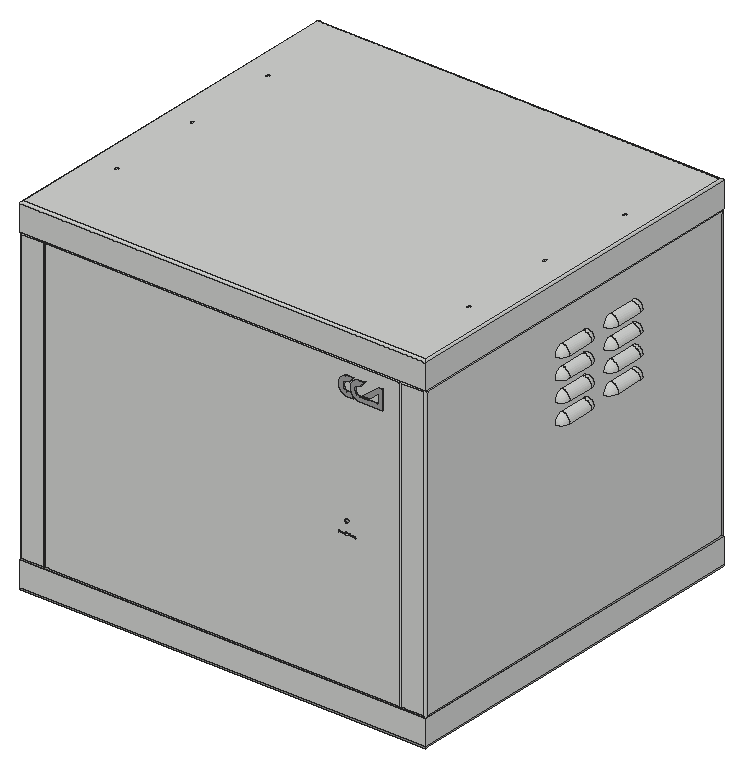
Revit family "Шкаф антивандальный настенный ШАН-Э 19” 600x550", category Обобщенные модели, Revit 2019
Family settings
  Может служить основой для арматурных стержней = Нет
  Размер круглого соединителя = Использовать диаметр
  Тип детали = Нормальный
  На основе рабочей плоскости = Нет
  Всегда вертикально = Да
  При загрузке вырезать с полостями = Нет
  Общий = Нет
  Точка расчета площади = Нет
Parameters (values of type "Шкаф антивандальный настенный ШАН-Э 19" 9U(600*550) ССД")
  Высота крышки = ADSK_Размер_Высота - 40 mm  # 475 mm
  Высота двери = ADSK_Размер_Высота - 80 mm  # 435 mm
  ADSK_Этаж [instance] = ""
  ADSK_Размер_Ширина = 600 mm  # constant formula
  ADSK_Размер_Глубина = 550 mm  # constant formula
  ADSK_Размер_Высота = 515 mm
  ADSK_Примечание [instance] = ""
  ADSK_Предел огнестойкости = ""
  ADSK_Позиция [instance] = ""
  ADSK_Обозначение = "ШАН-Э 9U (600x550мм)"
  ADSK_Наименование = "Шкаф антивандальный настенный ШАН-Э 19\" 9U(600*550) ССД"
  ADSK_Материал обозначение = "Серый RAL 7035"  # constant formula
  ADSK_Масса_Текст = "28,0"
  ADSK_Марка [instance] = "ШАН-Э 9U (600x550мм)"
  ADSK_Количество = 1  # constant formula
  ADSK_Код изделия = "130411-00822"
  ADSK_Зона = ""
  ADSK_Завод-изготовитель = "АО СВЯЗЬСРОЙДЕТАЛЬ"  # constant formula
  ADSK_Единица измерения = "шт."  # constant formula
  ADSK_URL страницы изделия = "https://www.ssd.ru/shkaf-antivandalnyy-nastennyy-shan-e-19-quot-9u-600-550"
  ADSK_URL документации изделия = "https://www.ssd.ru/upload/iblock/277/22hq47rvplltgvzus87gcrm6ssdb9wy9/ssoot_shan.pdf"
Reference planes
  plane 1 "По центру (Вперед/Назад)": y = 0
  plane 2: z = 0
  plane 3 "По центру (Влево/Вправо)": x = 0
  plane 4: y = -275
  plane 5: y = 275
  plane 6: x = 300
  plane 7: x = -300
  plane 8: z = 515
  plane 9: z = 475
  plane 10: z = 40
  plane 11: z = 429
Forms (mm)
  Extrusion 1, solid, material "RAL 7035", detail levels medium+fine
    sketch origin (0, 0, 0) x (1, 0, 0) y (0, 1, 0)
      loop
        line (-300, -275) -> (-265, -275) -> (-265, -272) -> (-297, -272) -> (-297, 272) -> (297, 272) -> (297, -272) -> (265, -272) -> (265, -275) -> (300, -275) -> (300, 275) -> (-300, 275) -> (-300, -275)
    from 40 to 475
  Extrusion 2, void, detail levels fine
    sketch origin (0, 0, 0) x (1, 0, 0) y (0, 1, 0)
      loop
        line (-300, -275) -> (-297, -275)
        arc (-297, -275) -> (-299.121, -274.121) -> (-300, -272) r 3
        line (-300, -272) -> (-300, -275)
      loop
        line (-300, 275) -> (-300, 272)
        arc (-300, 272) -> (-299.121, 274.121) -> (-297, 275) r 3
        line (-297, 275) -> (-300, 275)
      loop
        line (300, -275) -> (300, -272)
        arc (300, -272) -> (299.121, -274.121) -> (297, -275) r 3
        line (297, -275) -> (300, -275)
      loop
        line (300, 275) -> (297, 275)
        arc (297, 275) -> (299.121, 274.121) -> (300, 272) r 3
        line (300, 272) -> (300, 275)
    from 40 to 475
  Extrusion 3, void, detail levels fine
    sketch origin (0, 0, 0) x (1, 0, 0) y (0, 0, 1)
      loop
        line (-300, 475) -> (-300, 472)
        arc (-300, 472) -> (-299.121, 474.121) -> (-297, 475) r 3
        line (-297, 475) -> (-300, 475)
      loop
        line (300, 475) -> (297, 475)
        arc (297, 475) -> (299.121, 474.121) -> (300, 472) r 3
        line (300, 472) -> (300, 475)
      loop
        line (-300, 40) -> (-297, 40)
        arc (-297, 40) -> (-299.121, 40.879) -> (-300, 43) r 3
        line (-300, 43) -> (-300, 40)
      loop
        line (300, 40) -> (300, 43)
        arc (300, 43) -> (299.121, 40.879) -> (297, 40) r 3
        line (297, 40) -> (300, 40)
    from -275 to 275
  Extrusion 4, void, detail levels fine
    sketch origin (0, 0, 0) x (0, 1, 0) y (0, 0, 1)
      loop
        line (-275, 475) -> (-275, 472)
        arc (-275, 472) -> (-274.121, 474.121) -> (-272, 475) r 3
        line (-272, 475) -> (-275, 475)
      loop
        line (275, 475) -> (272, 475)
        arc (272, 475) -> (274.121, 474.121) -> (275, 472) r 3
        line (275, 472) -> (275, 475)
      loop
        line (-275, 40) -> (-272, 40)
        arc (-272, 40) -> (-274.121, 40.879) -> (-275, 43) r 3
        line (-275, 43) -> (-275, 40)
      loop
        line (275, 40) -> (275, 43)
        arc (275, 43) -> (274.121, 40.879) -> (272, 40) r 3
        line (272, 40) -> (275, 40)
    from -300 to 300
  Extrusion 5, void, detail levels fine
    sketch origin (300, 2000, 1200) x (0, -1, 0) y (0, 0, 1)
      loop
        line (1884, -783.5) -> (1946, -783.5)
        arc (1946, -783.5) -> (1942.778, -775.722) -> (1935, -772.5) r 11
        line (1935, -772.5) -> (1895, -772.5)
        arc (1895, -772.5) -> (1887.222, -775.722) -> (1884, -783.5) r 11
      loop
        line (1884, -813.5) -> (1946, -813.5)
        arc (1946, -813.5) -> (1942.778, -805.722) -> (1935, -802.5) r 11
        line (1935, -802.5) -> (1895, -802.5)
        arc (1895, -802.5) -> (1887.222, -805.722) -> (1884, -813.5) r 11
      loop
        line (1884, -843.5) -> (1946, -843.5)
        arc (1946, -843.5) -> (1942.778, -835.722) -> (1935, -832.5) r 11
        line (1935, -832.5) -> (1895, -832.5)
        arc (1895, -832.5) -> (1887.222, -835.722) -> (1884, -843.5) r 11
      loop
        line (1884, -873.5) -> (1946, -873.5)
        arc (1946, -873.5) -> (1942.778, -865.722) -> (1935, -862.5) r 11
        line (1935, -862.5) -> (1895, -862.5)
        arc (1895, -862.5) -> (1887.222, -865.722) -> (1884, -873.5) r 11
      loop
        line (1974, -783.5) -> (2036, -783.5)
        arc (2036, -783.5) -> (2032.778, -775.722) -> (2025, -772.5) r 11
        line (2025, -772.5) -> (1985, -772.5)
        arc (1985, -772.5) -> (1977.222, -775.722) -> (1974, -783.5) r 11
      loop
        line (1974, -813.5) -> (2036, -813.5)
        arc (2036, -813.5) -> (2032.778, -805.722) -> (2025, -802.5) r 11
        line (2025, -802.5) -> (1985, -802.5)
        arc (1985, -802.5) -> (1977.222, -805.722) -> (1974, -813.5) r 11
      loop
        line (1974, -843.5) -> (2036, -843.5)
        arc (2036, -843.5) -> (2032.778, -835.722) -> (2025, -832.5) r 11
        line (2025, -832.5) -> (1985, -832.5)
        arc (1985, -832.5) -> (1977.222, -835.722) -> (1974, -843.5) r 11
      loop
        line (1974, -873.5) -> (2036, -873.5)
        arc (2036, -873.5) -> (2032.778, -865.722) -> (2025, -862.5) r 11
        line (2025, -862.5) -> (1985, -862.5)
        arc (1985, -862.5) -> (1977.222, -865.722) -> (1974, -873.5) r 11
    from 0 to 600
  Revolve 6, solid, material "RAL 7035", detail levels medium+fine
    sketch origin (300, 2000, 1140) x (0, 1, 0) y (0, 0, 1)
      loop
        line (-1895, -771) -> (-1895, -783.5) -> (-1882.5, -783.5)
        arc (-1882.5, -783.5) -> (-1886.161, -774.661) -> (-1895, -771) r 12.5
      axis (-1895, -771) -> (-1895, -783.5)
    angle from 270 to 360
  Revolve 7, void, detail levels medium+fine
    sketch origin (300, 2000, 1140) x (0, 1, 0) y (0, 0, 1)
      loop
        line (-1895, -772.5) -> (-1895, -783.5) -> (-1884, -783.5)
        arc (-1884, -783.5) -> (-1887.222, -775.722) -> (-1895, -772.5) r 11
      axis (-1895, -772.5) -> (-1895, -783.5)
    angle from 270 to 360
  Revolve 8, solid, material "RAL 7035", detail levels medium+fine
    sketch origin (300, -1830, 1140) x (0, -1, 0) y (0, 0, -1)
      loop
        arc (-1895, 771) -> (-1886.161, 774.661) -> (-1882.5, 783.5) r 12.5
        line (-1882.5, 783.5) -> (-1895, 783.5) -> (-1895, 771)
      axis (-1895, 771) -> (-1895, 783.5)
    angle from 270 to 360
  Revolve 9, void, detail levels medium+fine
    sketch origin (300, -1830, 1140) x (0, -1, 0) y (0, 0, -1)
      loop
        arc (-1895, 772.5) -> (-1887.222, 775.722) -> (-1884, 783.5) r 11
        line (-1884, 783.5) -> (-1895, 783.5) -> (-1895, 772.5)
      axis (-1895, 772.5) -> (-1895, 783.5)
    angle from 270 to 360
  Extrusion 10, solid, material "RAL 7035", detail levels fine
    sketch origin (0, 0, -60) x (1, 0, 0) y (0, 0, 1)
      loop
        line (300, 429) -> (300, 427.5)
        arc (300, 427.5) -> (307.778, 424.278) -> (311, 416.5) r 11
        line (311, 416.5) -> (312.5, 416.5)
        arc (312.5, 416.5) -> (308.839, 425.339) -> (300, 429) r 12.5
    from -105 to -65
  Revolve 11, solid, material "RAL 7035", detail levels medium+fine
    sketch origin (300, 2000, 1110) x (0, 1, 0) y (0, 0, 1)
      loop
        line (-1895, -771) -> (-1895, -783.5) -> (-1882.5, -783.5)
        arc (-1882.5, -783.5) -> (-1886.161, -774.661) -> (-1895, -771) r 12.5
      axis (-1895, -771) -> (-1895, -783.5)
    angle from 270 to 360
  Revolve 12, void, detail levels medium+fine
    sketch origin (300, 2000, 1110) x (0, 1, 0) y (0, 0, 1)
      loop
        line (-1895, -772.5) -> (-1895, -783.5) -> (-1884, -783.5)
        arc (-1884, -783.5) -> (-1887.222, -775.722) -> (-1895, -772.5) r 11
      axis (-1895, -772.5) -> (-1895, -783.5)
    angle from 270 to 360
  Revolve 13, solid, material "RAL 7035", detail levels medium+fine
    sketch origin (300, -1830, 1110) x (0, -1, 0) y (0, 0, -1)
      loop
        arc (-1895, 771) -> (-1886.161, 774.661) -> (-1882.5, 783.5) r 12.5
        line (-1882.5, 783.5) -> (-1895, 783.5) -> (-1895, 771)
      axis (-1895, 771) -> (-1895, 783.5)
    angle from 270 to 360
  Revolve 14, void, detail levels medium+fine
    sketch origin (300, -1830, 1110) x (0, -1, 0) y (0, 0, -1)
      loop
        arc (-1895, 772.5) -> (-1887.222, 775.722) -> (-1884, 783.5) r 11
        line (-1884, 783.5) -> (-1895, 783.5) -> (-1895, 772.5)
      axis (-1895, 772.5) -> (-1895, 783.5)
    angle from 270 to 360
  Extrusion 15, solid, material "RAL 7035", detail levels fine
    sketch origin (0, 0, -90) x (1, 0, 0) y (0, 0, 1)
      loop
        line (300, 429) -> (300, 427.5)
        arc (300, 427.5) -> (307.778, 424.278) -> (311, 416.5) r 11
        line (311, 416.5) -> (312.5, 416.5)
        arc (312.5, 416.5) -> (308.839, 425.339) -> (300, 429) r 12.5
    from -105 to -65
  Revolve 16, solid, material "RAL 7035", detail levels medium+fine
    sketch origin (300, 2000, 1200) x (0, 1, 0) y (0, 0, 1)
      loop
        line (-1895, -771) -> (-1895, -783.5) -> (-1882.5, -783.5)
        arc (-1882.5, -783.5) -> (-1886.161, -774.661) -> (-1895, -771) r 12.5
      axis (-1895, -771) -> (-1895, -783.5)
    angle from 270 to 360
  Revolve 17, void, detail levels medium+fine
    sketch origin (300, 2000, 1200) x (0, 1, 0) y (0, 0, 1)
      loop
        line (-1895, -772.5) -> (-1895, -783.5) -> (-1884, -783.5)
        arc (-1884, -783.5) -> (-1887.222, -775.722) -> (-1895, -772.5) r 11
      axis (-1895, -772.5) -> (-1895, -783.5)
    angle from 270 to 360
  Revolve 18, solid, material "RAL 7035", detail levels medium+fine
    sketch origin (300, -1830, 1200) x (0, -1, 0) y (0, 0, -1)
      loop
        arc (-1895, 771) -> (-1886.161, 774.661) -> (-1882.5, 783.5) r 12.5
        line (-1882.5, 783.5) -> (-1895, 783.5) -> (-1895, 771)
      axis (-1895, 771) -> (-1895, 783.5)
    angle from 270 to 360
  Revolve 19, void, detail levels medium+fine
    sketch origin (300, -1830, 1200) x (0, -1, 0) y (0, 0, -1)
      loop
        arc (-1895, 772.5) -> (-1887.222, 775.722) -> (-1884, 783.5) r 11
        line (-1884, 783.5) -> (-1895, 783.5) -> (-1895, 772.5)
      axis (-1895, 772.5) -> (-1895, 783.5)
    angle from 270 to 360
  Revolve 20, solid, material "RAL 7035", detail levels medium+fine
    sketch origin (300, 2000, 1170) x (0, 1, 0) y (0, 0, 1)
      loop
        line (-1895, -771) -> (-1895, -783.5) -> (-1882.5, -783.5)
        arc (-1882.5, -783.5) -> (-1886.161, -774.661) -> (-1895, -771) r 12.5
      axis (-1895, -771) -> (-1895, -783.5)
    angle from 270 to 360
  Revolve 21, void, detail levels medium+fine
    sketch origin (300, 2000, 1170) x (0, 1, 0) y (0, 0, 1)
      loop
        line (-1895, -772.5) -> (-1895, -783.5) -> (-1884, -783.5)
        arc (-1884, -783.5) -> (-1887.222, -775.722) -> (-1895, -772.5) r 11
      axis (-1895, -772.5) -> (-1895, -783.5)
    angle from 270 to 360
  Revolve 22, solid, material "RAL 7035", detail levels medium+fine
    sketch origin (300, -1830, 1170) x (0, -1, 0) y (0, 0, -1)
      loop
        arc (-1895, 771) -> (-1886.161, 774.661) -> (-1882.5, 783.5) r 12.5
        line (-1882.5, 783.5) -> (-1895, 783.5) -> (-1895, 771)
      axis (-1895, 771) -> (-1895, 783.5)
    angle from 270 to 360
  Revolve 23, void, detail levels medium+fine
    sketch origin (300, -1830, 1170) x (0, -1, 0) y (0, 0, -1)
      loop
        arc (-1895, 772.5) -> (-1887.222, 775.722) -> (-1884, 783.5) r 11
        line (-1884, 783.5) -> (-1895, 783.5) -> (-1895, 772.5)
      axis (-1895, 772.5) -> (-1895, 783.5)
    angle from 270 to 360
  Extrusion 24, solid, material "RAL 7035", detail levels fine
    sketch origin (0, 0, -30) x (1, 0, 0) y (0, 0, 1)
      loop
        line (300, 429) -> (300, 427.5)
        arc (300, 427.5) -> (307.778, 424.278) -> (311, 416.5) r 11
        line (311, 416.5) -> (312.5, 416.5)
        arc (312.5, 416.5) -> (308.839, 425.339) -> (300, 429) r 12.5
    from -105 to -65
  Revolve 25, solid, material "RAL 7035", detail levels medium+fine
    sketch origin (300, -1920, 1200) x (0, -1, 0) y (0, 0, -1)
      loop
        arc (-1895, 771) -> (-1886.161, 774.661) -> (-1882.5, 783.5) r 12.5
        line (-1882.5, 783.5) -> (-1895, 783.5) -> (-1895, 771)
      axis (-1895, 771) -> (-1895, 783.5)
    angle from 270 to 360
  Revolve 26, void, detail levels medium+fine
    sketch origin (300, -1920, 1200) x (0, -1, 0) y (0, 0, -1)
      loop
        arc (-1895, 772.5) -> (-1887.222, 775.722) -> (-1884, 783.5) r 11
        line (-1884, 783.5) -> (-1895, 783.5) -> (-1895, 772.5)
      axis (-1895, 772.5) -> (-1895, 783.5)
    angle from 270 to 360
  Revolve 27, solid, material "RAL 7035", detail levels medium+fine
    sketch origin (300, 1910, 1200) x (0, 1, 0) y (0, 0, 1)
      loop
        line (-1895, -771) -> (-1895, -783.5) -> (-1882.5, -783.5)
        arc (-1882.5, -783.5) -> (-1886.161, -774.661) -> (-1895, -771) r 12.5
      axis (-1895, -771) -> (-1895, -783.5)
    angle from 270 to 360
  Revolve 28, void, detail levels medium+fine
    sketch origin (300, 1910, 1200) x (0, 1, 0) y (0, 0, 1)
      loop
        line (-1895, -772.5) -> (-1895, -783.5) -> (-1884, -783.5)
        arc (-1884, -783.5) -> (-1887.222, -775.722) -> (-1895, -772.5) r 11
      axis (-1895, -772.5) -> (-1895, -783.5)
    angle from 270 to 360
  Extrusion 29, solid, material "RAL 7035", detail levels fine
    sketch origin (0, 0, 0) x (1, 0, 0) y (0, 0, 1)
      loop
        line (300, 429) -> (300, 427.5)
        arc (300, 427.5) -> (307.778, 424.278) -> (311, 416.5) r 11
        line (311, 416.5) -> (312.5, 416.5)
        arc (312.5, 416.5) -> (308.839, 425.339) -> (300, 429) r 12.5
    from -105 to -65
  Extrusion 30, solid, material "RAL 7035", detail levels fine
    sketch origin (0, 0, 0) x (1, 0, 0) y (0, 0, 1)
      loop
        line (300, 429) -> (300, 427.5)
        arc (300, 427.5) -> (307.778, 424.278) -> (311, 416.5) r 11
        line (311, 416.5) -> (312.5, 416.5)
        arc (312.5, 416.5) -> (308.839, 425.339) -> (300, 429) r 12.5
    from -15 to 25
  Extrusion 31, solid, material "RAL 7035", detail levels fine
    sketch origin (0, 0, -30) x (1, 0, 0) y (0, 0, 1)
      loop
        line (300, 429) -> (300, 427.5)
        arc (300, 427.5) -> (307.778, 424.278) -> (311, 416.5) r 11
        line (311, 416.5) -> (312.5, 416.5)
        arc (312.5, 416.5) -> (308.839, 425.339) -> (300, 429) r 12.5
    from -15 to 25
  Extrusion 32, solid, material "RAL 7035", detail levels fine
    sketch origin (0, 0, -60) x (1, 0, 0) y (0, 0, 1)
      loop
        line (300, 429) -> (300, 427.5)
        arc (300, 427.5) -> (307.778, 424.278) -> (311, 416.5) r 11
        line (311, 416.5) -> (312.5, 416.5)
        arc (312.5, 416.5) -> (308.839, 425.339) -> (300, 429) r 12.5
    from -15 to 25
  Extrusion 33, solid, material "RAL 7035", detail levels fine
    sketch origin (0, 0, -90) x (1, 0, 0) y (0, 0, 1)
      loop
        line (300, 429) -> (300, 427.5)
        arc (300, 427.5) -> (307.778, 424.278) -> (311, 416.5) r 11
        line (311, 416.5) -> (312.5, 416.5)
        arc (312.5, 416.5) -> (308.839, 425.339) -> (300, 429) r 12.5
    from -15 to 25
  Revolve 34, solid, material "RAL 7035", detail levels medium+fine
    sketch origin (300, -1920, 1170) x (0, -1, 0) y (0, 0, -1)
      loop
        arc (-1895, 771) -> (-1886.161, 774.661) -> (-1882.5, 783.5) r 12.5
        line (-1882.5, 783.5) -> (-1895, 783.5) -> (-1895, 771)
      axis (-1895, 771) -> (-1895, 783.5)
    angle from 270 to 360
  Revolve 35, void, detail levels medium+fine
    sketch origin (300, -1920, 1170) x (0, -1, 0) y (0, 0, -1)
      loop
        arc (-1895, 772.5) -> (-1887.222, 775.722) -> (-1884, 783.5) r 11
        line (-1884, 783.5) -> (-1895, 783.5) -> (-1895, 772.5)
      axis (-1895, 772.5) -> (-1895, 783.5)
    angle from 270 to 360
  Revolve 36, solid, material "RAL 7035", detail levels medium+fine
    sketch origin (300, 1910, 1170) x (0, 1, 0) y (0, 0, 1)
      loop
        line (-1895, -771) -> (-1895, -783.5) -> (-1882.5, -783.5)
        arc (-1882.5, -783.5) -> (-1886.161, -774.661) -> (-1895, -771) r 12.5
      axis (-1895, -771) -> (-1895, -783.5)
    angle from 270 to 360
  Revolve 37, void, detail levels medium+fine
    sketch origin (300, 1910, 1170) x (0, 1, 0) y (0, 0, 1)
      loop
        line (-1895, -772.5) -> (-1895, -783.5) -> (-1884, -783.5)
        arc (-1884, -783.5) -> (-1887.222, -775.722) -> (-1895, -772.5) r 11
      axis (-1895, -772.5) -> (-1895, -783.5)
    angle from 270 to 360
  Revolve 38, solid, material "RAL 7035", detail levels medium+fine
    sketch origin (300, -1920, 1140) x (0, -1, 0) y (0, 0, -1)
      loop
        arc (-1895, 771) -> (-1886.161, 774.661) -> (-1882.5, 783.5) r 12.5
        line (-1882.5, 783.5) -> (-1895, 783.5) -> (-1895, 771)
      axis (-1895, 771) -> (-1895, 783.5)
    angle from 270 to 360
  Revolve 39, void, detail levels medium+fine
    sketch origin (300, -1920, 1140) x (0, -1, 0) y (0, 0, -1)
      loop
        arc (-1895, 772.5) -> (-1887.222, 775.722) -> (-1884, 783.5) r 11
        line (-1884, 783.5) -> (-1895, 783.5) -> (-1895, 772.5)
      axis (-1895, 772.5) -> (-1895, 783.5)
    angle from 270 to 360
  Revolve 40, solid, material "RAL 7035", detail levels medium+fine
    sketch origin (300, 1910, 1140) x (0, 1, 0) y (0, 0, 1)
      loop
        line (-1895, -771) -> (-1895, -783.5) -> (-1882.5, -783.5)
        arc (-1882.5, -783.5) -> (-1886.161, -774.661) -> (-1895, -771) r 12.5
      axis (-1895, -771) -> (-1895, -783.5)
    angle from 270 to 360
  Revolve 41, void, detail levels medium+fine
    sketch origin (300, 1910, 1140) x (0, 1, 0) y (0, 0, 1)
      loop
        line (-1895, -772.5) -> (-1895, -783.5) -> (-1884, -783.5)
        arc (-1884, -783.5) -> (-1887.222, -775.722) -> (-1895, -772.5) r 11
      axis (-1895, -772.5) -> (-1895, -783.5)
    angle from 270 to 360
  Revolve 42, solid, material "RAL 7035", detail levels medium+fine
    sketch origin (300, -1920, 1110) x (0, -1, 0) y (0, 0, -1)
      loop
        arc (-1895, 771) -> (-1886.161, 774.661) -> (-1882.5, 783.5) r 12.5
        line (-1882.5, 783.5) -> (-1895, 783.5) -> (-1895, 771)
      axis (-1895, 771) -> (-1895, 783.5)
    angle from 270 to 360
  Revolve 43, void, detail levels medium+fine
    sketch origin (300, -1920, 1110) x (0, -1, 0) y (0, 0, -1)
      loop
        arc (-1895, 772.5) -> (-1887.222, 775.722) -> (-1884, 783.5) r 11
        line (-1884, 783.5) -> (-1895, 783.5) -> (-1895, 772.5)
      axis (-1895, 772.5) -> (-1895, 783.5)
    angle from 270 to 360
  Revolve 44, solid, material "RAL 7035", detail levels medium+fine
    sketch origin (300, 1910, 1110) x (0, 1, 0) y (0, 0, 1)
      loop
        line (-1895, -771) -> (-1895, -783.5) -> (-1882.5, -783.5)
        arc (-1882.5, -783.5) -> (-1886.161, -774.661) -> (-1895, -771) r 12.5
      axis (-1895, -771) -> (-1895, -783.5)
    angle from 270 to 360
  Revolve 45, void, detail levels medium+fine
    sketch origin (300, 1910, 1110) x (0, 1, 0) y (0, 0, 1)
      loop
        line (-1895, -772.5) -> (-1895, -783.5) -> (-1884, -783.5)
        arc (-1884, -783.5) -> (-1887.222, -775.722) -> (-1895, -772.5) r 11
      axis (-1895, -772.5) -> (-1895, -783.5)
    angle from 270 to 360
  Revolve 46, solid, material "RAL 7035", detail levels medium+fine
    sketch origin (-300, 2000, 1140) x (0, 1, 0) y (0, 0, -1)
      loop
        arc (-1895, 771) -> (-1886.161, 774.661) -> (-1882.5, 783.5) r 12.5
        line (-1882.5, 783.5) -> (-1895, 783.5) -> (-1895, 771)
      axis (-1895, 771) -> (-1895, 783.5)
    angle from 270 to 360
  Revolve 47, void, detail levels medium+fine
    sketch origin (-300, 2000, 1140) x (0, 1, 0) y (0, 0, -1)
      loop
        arc (-1895, 772.5) -> (-1887.222, 775.722) -> (-1884, 783.5) r 11
        line (-1884, 783.5) -> (-1895, 783.5) -> (-1895, 772.5)
      axis (-1895, 772.5) -> (-1895, 783.5)
    angle from 270 to 360
  Revolve 48, solid, material "RAL 7035", detail levels medium+fine
    sketch origin (-300, -1830, 1140) x (0, -1, 0) y (0, 0, 1)
      loop
        line (-1895, -771) -> (-1895, -783.5) -> (-1882.5, -783.5)
        arc (-1882.5, -783.5) -> (-1886.161, -774.661) -> (-1895, -771) r 12.5
      axis (-1895, -771) -> (-1895, -783.5)
    angle from 270 to 360
  Revolve 49, void, detail levels medium+fine
    sketch origin (-300, -1830, 1140) x (0, -1, 0) y (0, 0, 1)
      loop
        line (-1895, -772.5) -> (-1895, -783.5) -> (-1884, -783.5)
        arc (-1884, -783.5) -> (-1887.222, -775.722) -> (-1895, -772.5) r 11
      axis (-1895, -772.5) -> (-1895, -783.5)
    angle from 270 to 360
  Extrusion 50, solid, material "RAL 7035", detail levels medium+fine
    sketch origin (0, 0, -60) x (-1, 0, 0) y (0, 0, -1)
      loop
        arc (300, -429) -> (308.839, -425.339) -> (312.5, -416.5) r 12.5
        line (312.5, -416.5) -> (311, -416.5)
        arc (311, -416.5) -> (307.778, -424.278) -> (300, -427.5) r 11
        line (300, -427.5) -> (300, -429)
    from -105 to -65
  Revolve 51, solid, material "RAL 7035", detail levels medium+fine
    sketch origin (-300, 2000, 1110) x (0, 1, 0) y (0, 0, -1)
      loop
        arc (-1895, 771) -> (-1886.161, 774.661) -> (-1882.5, 783.5) r 12.5
        line (-1882.5, 783.5) -> (-1895, 783.5) -> (-1895, 771)
      axis (-1895, 771) -> (-1895, 783.5)
    angle from 270 to 360
  Revolve 52, void, detail levels medium+fine
    sketch origin (-300, 2000, 1110) x (0, 1, 0) y (0, 0, -1)
      loop
        arc (-1895, 772.5) -> (-1887.222, 775.722) -> (-1884, 783.5) r 11
        line (-1884, 783.5) -> (-1895, 783.5) -> (-1895, 772.5)
      axis (-1895, 772.5) -> (-1895, 783.5)
    angle from 270 to 360
  Revolve 53, solid, material "RAL 7035", detail levels medium+fine
    sketch origin (-300, -1830, 1110) x (0, -1, 0) y (0, 0, 1)
      loop
        line (-1895, -771) -> (-1895, -783.5) -> (-1882.5, -783.5)
        arc (-1882.5, -783.5) -> (-1886.161, -774.661) -> (-1895, -771) r 12.5
      axis (-1895, -771) -> (-1895, -783.5)
    angle from 270 to 360
  Revolve 54, void, detail levels medium+fine
    sketch origin (-300, -1830, 1110) x (0, -1, 0) y (0, 0, 1)
      loop
        line (-1895, -772.5) -> (-1895, -783.5) -> (-1884, -783.5)
        arc (-1884, -783.5) -> (-1887.222, -775.722) -> (-1895, -772.5) r 11
      axis (-1895, -772.5) -> (-1895, -783.5)
    angle from 270 to 360
  Extrusion 55, solid, material "RAL 7035", detail levels medium+fine
    sketch origin (0, 0, -90) x (-1, 0, 0) y (0, 0, -1)
      loop
        arc (300, -429) -> (308.839, -425.339) -> (312.5, -416.5) r 12.5
        line (312.5, -416.5) -> (311, -416.5)
        arc (311, -416.5) -> (307.778, -424.278) -> (300, -427.5) r 11
        line (300, -427.5) -> (300, -429)
    from -105 to -65
  Revolve 56, solid, material "RAL 7035", detail levels medium+fine
    sketch origin (-300, 2000, 1200) x (0, 1, 0) y (0, 0, -1)
      loop
        arc (-1895, 771) -> (-1886.161, 774.661) -> (-1882.5, 783.5) r 12.5
        line (-1882.5, 783.5) -> (-1895, 783.5) -> (-1895, 771)
      axis (-1895, 771) -> (-1895, 783.5)
    angle from 270 to 360
  Revolve 57, void, detail levels medium+fine
    sketch origin (-300, 2000, 1200) x (0, 1, 0) y (0, 0, -1)
      loop
        arc (-1895, 772.5) -> (-1887.222, 775.722) -> (-1884, 783.5) r 11
        line (-1884, 783.5) -> (-1895, 783.5) -> (-1895, 772.5)
      axis (-1895, 772.5) -> (-1895, 783.5)
    angle from 270 to 360
  Revolve 58, solid, material "RAL 7035", detail levels medium+fine
    sketch origin (-300, -1830, 1200) x (0, -1, 0) y (0, 0, 1)
      loop
        line (-1895, -771) -> (-1895, -783.5) -> (-1882.5, -783.5)
        arc (-1882.5, -783.5) -> (-1886.161, -774.661) -> (-1895, -771) r 12.5
      axis (-1895, -771) -> (-1895, -783.5)
    angle from 270 to 360
  Revolve 59, void, detail levels medium+fine
    sketch origin (-300, -1830, 1200) x (0, -1, 0) y (0, 0, 1)
      loop
        line (-1895, -772.5) -> (-1895, -783.5) -> (-1884, -783.5)
        arc (-1884, -783.5) -> (-1887.222, -775.722) -> (-1895, -772.5) r 11
      axis (-1895, -772.5) -> (-1895, -783.5)
    angle from 270 to 360
  Revolve 60, solid, material "RAL 7035", detail levels medium+fine
    sketch origin (-300, 2000, 1170) x (0, 1, 0) y (0, 0, -1)
      loop
        arc (-1895, 771) -> (-1886.161, 774.661) -> (-1882.5, 783.5) r 12.5
        line (-1882.5, 783.5) -> (-1895, 783.5) -> (-1895, 771)
      axis (-1895, 771) -> (-1895, 783.5)
    angle from 270 to 360
  Revolve 61, void, detail levels medium+fine
    sketch origin (-300, 2000, 1170) x (0, 1, 0) y (0, 0, -1)
      loop
        arc (-1895, 772.5) -> (-1887.222, 775.722) -> (-1884, 783.5) r 11
        line (-1884, 783.5) -> (-1895, 783.5) -> (-1895, 772.5)
      axis (-1895, 772.5) -> (-1895, 783.5)
    angle from 270 to 360
  Revolve 62, solid, material "RAL 7035", detail levels medium+fine
    sketch origin (-300, -1830, 1170) x (0, -1, 0) y (0, 0, 1)
      loop
        line (-1895, -771) -> (-1895, -783.5) -> (-1882.5, -783.5)
        arc (-1882.5, -783.5) -> (-1886.161, -774.661) -> (-1895, -771) r 12.5
      axis (-1895, -771) -> (-1895, -783.5)
    angle from 270 to 360
  Revolve 63, void, detail levels medium+fine
    sketch origin (-300, -1830, 1170) x (0, -1, 0) y (0, 0, 1)
      loop
        line (-1895, -772.5) -> (-1895, -783.5) -> (-1884, -783.5)
        arc (-1884, -783.5) -> (-1887.222, -775.722) -> (-1895, -772.5) r 11
      axis (-1895, -772.5) -> (-1895, -783.5)
    angle from 270 to 360
  Extrusion 64, solid, material "RAL 7035", detail levels medium+fine
    sketch origin (0, 0, -30) x (-1, 0, 0) y (0, 0, -1)
      loop
        arc (300, -429) -> (308.839, -425.339) -> (312.5, -416.5) r 12.5
        line (312.5, -416.5) -> (311, -416.5)
        arc (311, -416.5) -> (307.778, -424.278) -> (300, -427.5) r 11
        line (300, -427.5) -> (300, -429)
    from -105 to -65
  Revolve 65, solid, material "RAL 7035", detail levels medium+fine
    sketch origin (-300, -1920, 1200) x (0, -1, 0) y (0, 0, 1)
      loop
        line (-1895, -771) -> (-1895, -783.5) -> (-1882.5, -783.5)
        arc (-1882.5, -783.5) -> (-1886.161, -774.661) -> (-1895, -771) r 12.5
      axis (-1895, -771) -> (-1895, -783.5)
    angle from 270 to 360
  Revolve 66, void, detail levels medium+fine
    sketch origin (-300, -1920, 1200) x (0, -1, 0) y (0, 0, 1)
      loop
        line (-1895, -772.5) -> (-1895, -783.5) -> (-1884, -783.5)
        arc (-1884, -783.5) -> (-1887.222, -775.722) -> (-1895, -772.5) r 11
      axis (-1895, -772.5) -> (-1895, -783.5)
    angle from 270 to 360
  Revolve 67, solid, material "RAL 7035", detail levels medium+fine
    sketch origin (-300, 1910, 1200) x (0, 1, 0) y (0, 0, -1)
      loop
        arc (-1895, 771) -> (-1886.161, 774.661) -> (-1882.5, 783.5) r 12.5
        line (-1882.5, 783.5) -> (-1895, 783.5) -> (-1895, 771)
      axis (-1895, 771) -> (-1895, 783.5)
    angle from 270 to 360
  Revolve 68, void, detail levels medium+fine
    sketch origin (-300, 1910, 1200) x (0, 1, 0) y (0, 0, -1)
      loop
        arc (-1895, 772.5) -> (-1887.222, 775.722) -> (-1884, 783.5) r 11
        line (-1884, 783.5) -> (-1895, 783.5) -> (-1895, 772.5)
      axis (-1895, 772.5) -> (-1895, 783.5)
    angle from 270 to 360
  Extrusion 69, solid, material "RAL 7035", detail levels medium+fine
    sketch origin (0, 0, 0) x (-1, 0, 0) y (0, 0, -1)
      loop
        arc (300, -429) -> (308.839, -425.339) -> (312.5, -416.5) r 12.5
        line (312.5, -416.5) -> (311, -416.5)
        arc (311, -416.5) -> (307.778, -424.278) -> (300, -427.5) r 11
        line (300, -427.5) -> (300, -429)
    from -105 to -65
  Extrusion 70, solid, material "RAL 7035", detail levels medium+fine
    sketch origin (0, 0, 0) x (-1, 0, 0) y (0, 0, -1)
      loop
        arc (300, -429) -> (308.839, -425.339) -> (312.5, -416.5) r 12.5
        line (312.5, -416.5) -> (311, -416.5)
        arc (311, -416.5) -> (307.778, -424.278) -> (300, -427.5) r 11
        line (300, -427.5) -> (300, -429)
    from -15 to 25
  Extrusion 71, solid, material "RAL 7035", detail levels medium+fine
    sketch origin (0, 0, -30) x (-1, 0, 0) y (0, 0, -1)
      loop
        arc (300, -429) -> (308.839, -425.339) -> (312.5, -416.5) r 12.5
        line (312.5, -416.5) -> (311, -416.5)
        arc (311, -416.5) -> (307.778, -424.278) -> (300, -427.5) r 11
        line (300, -427.5) -> (300, -429)
    from -15 to 25
  Extrusion 72, solid, material "RAL 7035", detail levels medium+fine
    sketch origin (0, 0, -60) x (-1, 0, 0) y (0, 0, -1)
      loop
        arc (300, -429) -> (308.839, -425.339) -> (312.5, -416.5) r 12.5
        line (312.5, -416.5) -> (311, -416.5)
        arc (311, -416.5) -> (307.778, -424.278) -> (300, -427.5) r 11
        line (300, -427.5) -> (300, -429)
    from -15 to 25
  Extrusion 73, solid, material "RAL 7035", detail levels medium+fine
    sketch origin (0, 0, -90) x (-1, 0, 0) y (0, 0, -1)
      loop
        arc (300, -429) -> (308.839, -425.339) -> (312.5, -416.5) r 12.5
        line (312.5, -416.5) -> (311, -416.5)
        arc (311, -416.5) -> (307.778, -424.278) -> (300, -427.5) r 11
        line (300, -427.5) -> (300, -429)
    from -15 to 25
  Revolve 74, solid, material "RAL 7035", detail levels medium+fine
    sketch origin (-300, -1920, 1170) x (0, -1, 0) y (0, 0, 1)
      loop
        line (-1895, -771) -> (-1895, -783.5) -> (-1882.5, -783.5)
        arc (-1882.5, -783.5) -> (-1886.161, -774.661) -> (-1895, -771) r 12.5
      axis (-1895, -771) -> (-1895, -783.5)
    angle from 270 to 360
  Revolve 75, void, detail levels medium+fine
    sketch origin (-300, -1920, 1170) x (0, -1, 0) y (0, 0, 1)
      loop
        line (-1895, -772.5) -> (-1895, -783.5) -> (-1884, -783.5)
        arc (-1884, -783.5) -> (-1887.222, -775.722) -> (-1895, -772.5) r 11
      axis (-1895, -772.5) -> (-1895, -783.5)
    angle from 270 to 360
  Revolve 76, solid, material "RAL 7035", detail levels medium+fine
    sketch origin (-300, 1910, 1170) x (0, 1, 0) y (0, 0, -1)
      loop
        arc (-1895, 771) -> (-1886.161, 774.661) -> (-1882.5, 783.5) r 12.5
        line (-1882.5, 783.5) -> (-1895, 783.5) -> (-1895, 771)
      axis (-1895, 771) -> (-1895, 783.5)
    angle from 270 to 360
  Revolve 77, void, detail levels medium+fine
    sketch origin (-300, 1910, 1170) x (0, 1, 0) y (0, 0, -1)
      loop
        arc (-1895, 772.5) -> (-1887.222, 775.722) -> (-1884, 783.5) r 11
        line (-1884, 783.5) -> (-1895, 783.5) -> (-1895, 772.5)
      axis (-1895, 772.5) -> (-1895, 783.5)
    angle from 270 to 360
  Revolve 78, solid, material "RAL 7035", detail levels medium+fine
    sketch origin (-300, -1920, 1140) x (0, -1, 0) y (0, 0, 1)
      loop
        line (-1895, -771) -> (-1895, -783.5) -> (-1882.5, -783.5)
        arc (-1882.5, -783.5) -> (-1886.161, -774.661) -> (-1895, -771) r 12.5
      axis (-1895, -771) -> (-1895, -783.5)
    angle from 270 to 360
  Revolve 79, void, detail levels medium+fine
    sketch origin (-300, -1920, 1140) x (0, -1, 0) y (0, 0, 1)
      loop
        line (-1895, -772.5) -> (-1895, -783.5) -> (-1884, -783.5)
        arc (-1884, -783.5) -> (-1887.222, -775.722) -> (-1895, -772.5) r 11
      axis (-1895, -772.5) -> (-1895, -783.5)
    angle from 270 to 360
  Revolve 80, solid, material "RAL 7035", detail levels medium+fine
    sketch origin (-300, 1910, 1140) x (0, 1, 0) y (0, 0, -1)
      loop
        arc (-1895, 771) -> (-1886.161, 774.661) -> (-1882.5, 783.5) r 12.5
        line (-1882.5, 783.5) -> (-1895, 783.5) -> (-1895, 771)
      axis (-1895, 771) -> (-1895, 783.5)
    angle from 270 to 360
  Revolve 81, void, detail levels medium+fine
    sketch origin (-300, 1910, 1140) x (0, 1, 0) y (0, 0, -1)
      loop
        arc (-1895, 772.5) -> (-1887.222, 775.722) -> (-1884, 783.5) r 11
        line (-1884, 783.5) -> (-1895, 783.5) -> (-1895, 772.5)
      axis (-1895, 772.5) -> (-1895, 783.5)
    angle from 270 to 360
  Revolve 82, solid, material "RAL 7035", detail levels medium+fine
    sketch origin (-300, -1920, 1110) x (0, -1, 0) y (0, 0, 1)
      loop
        line (-1895, -771) -> (-1895, -783.5) -> (-1882.5, -783.5)
        arc (-1882.5, -783.5) -> (-1886.161, -774.661) -> (-1895, -771) r 12.5
      axis (-1895, -771) -> (-1895, -783.5)
    angle from 270 to 360
  Revolve 83, void, detail levels medium+fine
    sketch origin (-300, -1920, 1110) x (0, -1, 0) y (0, 0, 1)
      loop
        line (-1895, -772.5) -> (-1895, -783.5) -> (-1884, -783.5)
        arc (-1884, -783.5) -> (-1887.222, -775.722) -> (-1895, -772.5) r 11
      axis (-1895, -772.5) -> (-1895, -783.5)
    angle from 270 to 360
  Revolve 84, solid, material "RAL 7035", detail levels medium+fine
    sketch origin (-300, 1910, 1110) x (0, 1, 0) y (0, 0, -1)
      loop
        arc (-1895, 771) -> (-1886.161, 774.661) -> (-1882.5, 783.5) r 12.5
        line (-1882.5, 783.5) -> (-1895, 783.5) -> (-1895, 771)
      axis (-1895, 771) -> (-1895, 783.5)
    angle from 270 to 360
  Revolve 85, void, detail levels medium+fine
    sketch origin (-300, 1910, 1110) x (0, 1, 0) y (0, 0, -1)
      loop
        arc (-1895, 772.5) -> (-1887.222, 775.722) -> (-1884, 783.5) r 11
        line (-1884, 783.5) -> (-1895, 783.5) -> (-1895, 772.5)
      axis (-1895, 772.5) -> (-1895, 783.5)
    angle from 270 to 360
  Extrusion 86, solid, material "RAL 7035", detail levels coarse
    sketch origin (0, 0, 0) x (1, 0, 0) y (0, 0, 1)
      loop
        line (-300, 515) -> (-300, 0) -> (300, 0) -> (300, 515) -> (-300, 515)
    from -275 to 275
Cuts and joins
  Extrusion 2, Extrusion 3, Extrusion 4, Extrusion 5, Revolve 7 cuts Extrusion 1
  Revolve 7, Revolve 9, Revolve 12, Revolve 17, Revolve 47 cuts Revolve 6
  Revolve 9, Revolve 14, Revolve 19, Revolve 49 cuts Revolve 8
  Revolve 12, Revolve 21, Revolve 52 cuts Revolve 11
  Revolve 14, Revolve 23, Revolve 54 cuts Revolve 13
  Revolve 17, Revolve 28, Revolve 57 cuts Revolve 16
  Revolve 19, Revolve 26, Revolve 59 cuts Revolve 18
  Revolve 21, Revolve 61 cuts Revolve 20
  Revolve 23, Revolve 63 cuts Revolve 22
  Revolve 26, Revolve 35, Revolve 66 cuts Revolve 25
  Revolve 28, Revolve 37, Revolve 68 cuts Revolve 27
  Revolve 35, Revolve 39, Revolve 75 cuts Revolve 34
  Revolve 37, Revolve 41, Revolve 77 cuts Revolve 36
  Revolve 39, Revolve 43, Revolve 79 cuts Revolve 38
  Revolve 41, Revolve 45, Revolve 81 cuts Revolve 40
  Revolve 43, Revolve 83 cuts Revolve 42
  Revolve 45, Revolve 85 cuts Revolve 44
  Revolve 47 cuts Revolve 46
  Revolve 49 cuts Revolve 48
  Revolve 52 cuts Revolve 51
  Revolve 54 cuts Revolve 53
  Revolve 57 cuts Revolve 56
  Revolve 59 cuts Revolve 58
  Revolve 61 cuts Revolve 60
  Revolve 63 cuts Revolve 62
  Revolve 66 cuts Revolve 65
  Revolve 68 cuts Revolve 67
  Revolve 75 cuts Revolve 74
  Revolve 77 cuts Revolve 76
  Revolve 79 cuts Revolve 78
  Revolve 81 cuts Revolve 80
  Revolve 83 cuts Revolve 82
  Revolve 85 cuts Revolve 84
Dimensions and locks
  equal spacing: plane 7, plane 3 "По центру (Влево/Вправо)", plane 6
  "ADSK_Размер_Ширина": plane 7 to plane 6
  equal spacing: plane 4, plane 1 "По центру (Вперед/Назад)", plane 5
  "ADSK_Размер_Глубина": plane 4 to plane 5
  "ADSK_Размер_Высота": plane 8 to level
  locked: plane 8 to plane 9 at 40
  locked: plane 10 to level at 40
  locked: nested 4 to plane 9 at 47.924
  locked: plane 9 to plane 11 at 46
  aligned and locked: level to plane 2
  aligned and locked: plane 9 to Extrusion 1
  aligned and locked: Extrusion 1 to plane 10
  aligned and locked: plane 9 to Extrusion 2
  aligned and locked: Extrusion 2 to plane 10
  aligned and locked: Extrusion 3 to plane 5
  aligned and locked: plane 4 to Extrusion 3
  aligned and locked: Extrusion 4 to plane 7
  aligned and locked: plane 6 to Extrusion 4
  aligned and locked: plane 8 to Extrusion 86
  aligned and locked: plane 6 to Extrusion 86
  aligned and locked: Extrusion 86 to plane 7
  aligned and locked: Extrusion 86 to level
  aligned and locked: Extrusion 86 to plane 5
Automatic sketch dimensions
  plane 4 to Extrusion 1 sketch curve = 0 mm  (x2)
  Extrusion 1 sketch curve to plane 7 = 0 mm
  Extrusion 1 sketch curve to plane 6 = 0 mm
  plane 5 to Extrusion 1 sketch curve = 0 mm
  plane 7 to Extrusion 1 sketch curve = 3 mm
  Extrusion 1 sketch curve to plane 4 = 3 mm  (x2)
  Extrusion 1 sketch curve to Extrusion 1 sketch curve = 32 mm
  Extrusion 1 sketch curve to plane 6 = 35 mm
  Extrusion 1 sketch curve to plane 6 = 3 mm
  plane 5 to Extrusion 1 sketch curve = 3 mm
  plane 4 to Extrusion 2 sketch curve = 0 mm  (x2)
  Extrusion 2 sketch curve to plane 7 = 0 mm  (x2)
  plane 5 to Extrusion 2 sketch curve = 0 mm  (x2)
  Extrusion 2 sketch curve to plane 6 = 0 mm  (x2)
  Extrusion 2 sketch curve to plane 4 = 3 mm
  plane 7 to Extrusion 2 sketch curve = 3 mm
  plane 5 to Extrusion 2 sketch curve = 3 mm
  Extrusion 2 sketch curve to plane 6 = 3 mm
  Extrusion 3 sketch curve to plane 7 = 0 mm  (x2)
  Extrusion 3 sketch curve to plane 9 = 0 mm  (x2)
  Extrusion 3 sketch curve to plane 10 = 0 mm  (x2)
  Extrusion 3 sketch curve to plane 6 = 0 mm  (x2)
  plane 7 to Extrusion 3 sketch curve = 3 mm  (x2)
  Extrusion 3 sketch curve to Extrusion 3 sketch curve = 3 mm
  Extrusion 3 sketch curve to plane 6 = 3 mm
  Extrusion 4 sketch curve to plane 4 = 0 mm  (x2)
  Extrusion 4 sketch curve to plane 9 = 0 mm  (x2)
  Extrusion 4 sketch curve to plane 10 = 0 mm  (x2)
  Extrusion 4 sketch curve to plane 5 = 0 mm  (x2)
  Extrusion 4 sketch curve to Extrusion 4 sketch curve = 3 mm  (x2)
  plane 5 to Extrusion 4 sketch curve = 3 mm  (x2)
  Extrusion 5 sketch curve to plane 1 "По центру (Вперед/Назад)" = 116 mm
  Extrusion 5 sketch curve to Extrusion 5 sketch curve = 0 mm  (x8)
  Extrusion 5 sketch curve to Extrusion 5 sketch curve = 11 mm  (x6)
  Extrusion 5 sketch curve to Extrusion 5 sketch curve = 40 mm  (x2)
  Extrusion 5 sketch curve to plane 1 "По центру (Вперед/Назад)" = 26 mm  (x4)
  Extrusion 5 sketch curve to plane 1 "По центру (Вперед/Назад)" = 15 mm  (x2)
  plane 1 "По центру (Вперед/Назад)" to Extrusion 5 sketch curve = 25 mm  (x2)
  Extrusion 5 sketch curve to plane 9 = 148.5 mm
  Extrusion 5 sketch curve to Extrusion 5 sketch curve = 19 mm  (x6)
  Revolve 6 sketch curve to plane 1 "По центру (Вперед/Назад)" = 105 mm
  Revolve 6 sketch curve to Revolve 6 sketch curve = 12.5 mm
  Revolve 6 sketch curve to plane 9 = 118.5 mm
  Revolve 6 sketch curve to Revolve 6 sketch curve = 0 mm
  Revolve 6 sketch curve to Revolve 6 sketch curve = 6.642 mm
  Revolve 6 sketch curve to Revolve 6 sketch curve = 0.858 mm
  Revolve 7 sketch curve to plane 1 "По центру (Вперед/Назад)" = 105 mm
  Revolve 7 sketch curve to Revolve 7 sketch curve = 11 mm
  Revolve 7 sketch curve to plane 9 = 118.5 mm
  Revolve 7 sketch curve to Revolve 7 sketch curve = 0 mm
  Revolve 7 sketch curve to Revolve 7 sketch curve = 7.5 mm
  Revolve 7 sketch curve to Revolve 7 sketch curve = 1.5 mm
  Revolve 8 sketch curve to plane 1 "По центру (Вперед/Назад)" = 65 mm
  Revolve 8 sketch curve to Revolve 8 sketch curve = 12.5 mm
  Revolve 8 sketch curve to plane 9 = 106 mm
  Revolve 8 sketch curve to Revolve 8 sketch curve = 0 mm
  Revolve 8 sketch curve to Revolve 8 sketch curve = 0.858 mm
  Revolve 8 sketch curve to Revolve 8 sketch curve = 6.642 mm
  Revolve 9 sketch curve to plane 1 "По центру (Вперед/Назад)" = 65 mm
  Revolve 9 sketch curve to Revolve 9 sketch curve = 11 mm
  Revolve 9 sketch curve to plane 9 = 107.5 mm
  Revolve 9 sketch curve to Revolve 9 sketch curve = 0 mm
  Revolve 9 sketch curve to Revolve 9 sketch curve = 1.5 mm
  Revolve 9 sketch curve to Revolve 9 sketch curve = 7.5 mm
  Extrusion 10 sketch curve to Extrusion 10 sketch curve = 0 mm  (x2)
  Extrusion 10 sketch curve to plane 6 = 0 mm
  plane 6 to Extrusion 10 sketch curve = 11 mm
  Extrusion 10 sketch curve to Extrusion 10 sketch curve = 1.5 mm
  Extrusion 10 sketch curve to plane 9 = 118.5 mm
  Revolve 11 sketch curve to plane 1 "По центру (Вперед/Назад)" = 105 mm
  Revolve 11 sketch curve to Revolve 11 sketch curve = 12.5 mm
  Revolve 11 sketch curve to plane 9 = 148.5 mm
  Revolve 11 sketch curve to Revolve 11 sketch curve = 0 mm
  Revolve 11 sketch curve to Revolve 11 sketch curve = 6.642 mm
  Revolve 11 sketch curve to Revolve 11 sketch curve = 0.858 mm
  Revolve 12 sketch curve to plane 1 "По центру (Вперед/Назад)" = 105 mm
  Revolve 12 sketch curve to Revolve 12 sketch curve = 11 mm
  Revolve 12 sketch curve to plane 9 = 148.5 mm
  Revolve 12 sketch curve to Revolve 12 sketch curve = 0 mm
  Revolve 12 sketch curve to Revolve 12 sketch curve = 7.5 mm
  Revolve 12 sketch curve to Revolve 12 sketch curve = 1.5 mm
  Revolve 13 sketch curve to plane 1 "По центру (Вперед/Назад)" = 65 mm
  Revolve 13 sketch curve to Revolve 13 sketch curve = 12.5 mm
  Revolve 13 sketch curve to plane 9 = 136 mm
  Revolve 13 sketch curve to Revolve 13 sketch curve = 0 mm
  Revolve 13 sketch curve to Revolve 13 sketch curve = 0.858 mm
  Revolve 13 sketch curve to Revolve 13 sketch curve = 6.642 mm
  Revolve 14 sketch curve to plane 1 "По центру (Вперед/Назад)" = 65 mm
  Revolve 14 sketch curve to Revolve 14 sketch curve = 11 mm
  Revolve 14 sketch curve to plane 9 = 137.5 mm
  Revolve 14 sketch curve to Revolve 14 sketch curve = 0 mm
  Revolve 14 sketch curve to Revolve 14 sketch curve = 1.5 mm
  Revolve 14 sketch curve to Revolve 14 sketch curve = 7.5 mm
  Extrusion 15 sketch curve to Extrusion 15 sketch curve = 0 mm  (x2)
  Extrusion 15 sketch curve to plane 6 = 0 mm
  plane 6 to Extrusion 15 sketch curve = 11 mm
  Extrusion 15 sketch curve to Extrusion 15 sketch curve = 1.5 mm
  Extrusion 15 sketch curve to plane 9 = 148.5 mm
  Revolve 16 sketch curve to plane 9 = 46 mm
  Revolve 16 sketch curve to plane 1 "По центру (Вперед/Назад)" = 105 mm
  Revolve 16 sketch curve to Revolve 16 sketch curve = 12.5 mm
  Revolve 16 sketch curve to Revolve 16 sketch curve = 0 mm
  Revolve 16 sketch curve to Revolve 16 sketch curve = 6.642 mm
  Revolve 16 sketch curve to Revolve 16 sketch curve = 0.858 mm
  Revolve 17 sketch curve to plane 9 = 58.5 mm
  Revolve 17 sketch curve to plane 1 "По центру (Вперед/Назад)" = 105 mm
  Revolve 17 sketch curve to Revolve 17 sketch curve = 11 mm
  Revolve 17 sketch curve to Revolve 17 sketch curve = 0 mm
  Revolve 17 sketch curve to Revolve 17 sketch curve = 7.5 mm
  Revolve 17 sketch curve to Revolve 17 sketch curve = 1.5 mm
  Revolve 18 sketch curve to plane 1 "По центру (Вперед/Назад)" = 65 mm
  Revolve 18 sketch curve to Revolve 18 sketch curve = 12.5 mm
  Revolve 18 sketch curve to plane 9 = 46 mm
  Revolve 18 sketch curve to Revolve 18 sketch curve = 0 mm
  Revolve 18 sketch curve to Revolve 18 sketch curve = 0.858 mm
  Revolve 18 sketch curve to Revolve 18 sketch curve = 6.642 mm
  Revolve 19 sketch curve to plane 1 "По центру (Вперед/Назад)" = 65 mm
  Revolve 19 sketch curve to Revolve 19 sketch curve = 11 mm
  Revolve 19 sketch curve to plane 9 = 47.5 mm
  Revolve 19 sketch curve to Revolve 19 sketch curve = 0 mm
  Revolve 19 sketch curve to Revolve 19 sketch curve = 1.5 mm
  Revolve 19 sketch curve to Revolve 19 sketch curve = 7.5 mm
  Revolve 20 sketch curve to plane 1 "По центру (Вперед/Назад)" = 105 mm
  Revolve 20 sketch curve to Revolve 20 sketch curve = 12.5 mm
  Revolve 20 sketch curve to plane 9 = 88.5 mm
  Revolve 20 sketch curve to Revolve 20 sketch curve = 0 mm
  Revolve 20 sketch curve to Revolve 20 sketch curve = 6.642 mm
  Revolve 20 sketch curve to Revolve 20 sketch curve = 0.858 mm
  Revolve 21 sketch curve to plane 1 "По центру (Вперед/Назад)" = 105 mm
  Revolve 21 sketch curve to Revolve 21 sketch curve = 11 mm
  Revolve 21 sketch curve to plane 9 = 88.5 mm
  Revolve 21 sketch curve to Revolve 21 sketch curve = 0 mm
  Revolve 21 sketch curve to Revolve 21 sketch curve = 7.5 mm
  Revolve 21 sketch curve to Revolve 21 sketch curve = 1.5 mm
  Revolve 22 sketch curve to plane 1 "По центру (Вперед/Назад)" = 65 mm
  Revolve 22 sketch curve to Revolve 22 sketch curve = 12.5 mm
  Revolve 22 sketch curve to plane 9 = 76 mm
  Revolve 22 sketch curve to Revolve 22 sketch curve = 0 mm
  Revolve 22 sketch curve to Revolve 22 sketch curve = 0.858 mm
  Revolve 22 sketch curve to Revolve 22 sketch curve = 6.642 mm
  Revolve 23 sketch curve to plane 1 "По центру (Вперед/Назад)" = 65 mm
  Revolve 23 sketch curve to Revolve 23 sketch curve = 11 mm
  Revolve 23 sketch curve to plane 9 = 77.5 mm
  Revolve 23 sketch curve to Revolve 23 sketch curve = 0 mm
  Revolve 23 sketch curve to Revolve 23 sketch curve = 1.5 mm
  Revolve 23 sketch curve to Revolve 23 sketch curve = 7.5 mm
  Extrusion 24 sketch curve to Extrusion 24 sketch curve = 0 mm  (x2)
  Extrusion 24 sketch curve to plane 6 = 0 mm
  plane 6 to Extrusion 24 sketch curve = 11 mm
  Extrusion 24 sketch curve to Extrusion 24 sketch curve = 1.5 mm
  Extrusion 24 sketch curve to plane 9 = 88.5 mm
  plane 1 "По центру (Вперед/Назад)" to Revolve 25 sketch curve = 25 mm
  Revolve 25 sketch curve to Revolve 25 sketch curve = 12.5 mm
  Revolve 25 sketch curve to plane 9 = 46 mm
  Revolve 25 sketch curve to Revolve 25 sketch curve = 0 mm
  Revolve 25 sketch curve to Revolve 25 sketch curve = 0.858 mm
  Revolve 25 sketch curve to Revolve 25 sketch curve = 6.642 mm
  plane 1 "По центру (Вперед/Назад)" to Revolve 26 sketch curve = 25 mm
  Revolve 26 sketch curve to Revolve 26 sketch curve = 11 mm
  Revolve 26 sketch curve to plane 9 = 47.5 mm
  Revolve 26 sketch curve to Revolve 26 sketch curve = 0 mm
  Revolve 26 sketch curve to Revolve 26 sketch curve = 1.5 mm
  Revolve 26 sketch curve to Revolve 26 sketch curve = 7.5 mm
  Revolve 27 sketch curve to plane 1 "По центру (Вперед/Назад)" = 15 mm
  Revolve 27 sketch curve to Revolve 27 sketch curve = 12.5 mm
  Revolve 27 sketch curve to plane 9 = 58.5 mm
  Revolve 27 sketch curve to Revolve 27 sketch curve = 0 mm
  Revolve 27 sketch curve to Revolve 27 sketch curve = 6.642 mm
  Revolve 27 sketch curve to Revolve 27 sketch curve = 0.858 mm
  Revolve 28 sketch curve to plane 1 "По центру (Вперед/Назад)" = 15 mm
  Revolve 28 sketch curve to Revolve 28 sketch curve = 11 mm
  Revolve 28 sketch curve to plane 9 = 58.5 mm
  Revolve 28 sketch curve to Revolve 28 sketch curve = 0 mm
  Revolve 28 sketch curve to Revolve 28 sketch curve = 7.5 mm
  Revolve 28 sketch curve to Revolve 28 sketch curve = 1.5 mm
  Extrusion 29 sketch curve to Extrusion 29 sketch curve = 0 mm  (x2)
  Extrusion 29 sketch curve to plane 6 = 0 mm
  plane 6 to Extrusion 29 sketch curve = 11 mm
  Extrusion 29 sketch curve to Extrusion 29 sketch curve = 1.5 mm
  Extrusion 29 sketch curve to plane 9 = 58.5 mm
  Extrusion 30 sketch curve to Extrusion 30 sketch curve = 0 mm  (x2)
  Extrusion 30 sketch curve to plane 6 = 0 mm
  plane 6 to Extrusion 30 sketch curve = 11 mm
  Extrusion 30 sketch curve to Extrusion 30 sketch curve = 1.5 mm
  Extrusion 30 sketch curve to plane 9 = 58.5 mm
  Extrusion 31 sketch curve to Extrusion 31 sketch curve = 0 mm  (x2)
  Extrusion 31 sketch curve to plane 6 = 0 mm
  plane 6 to Extrusion 31 sketch curve = 11 mm
  Extrusion 31 sketch curve to Extrusion 31 sketch curve = 1.5 mm
  Extrusion 31 sketch curve to plane 9 = 88.5 mm
  Extrusion 32 sketch curve to Extrusion 32 sketch curve = 0 mm  (x2)
  Extrusion 32 sketch curve to plane 6 = 0 mm
  plane 6 to Extrusion 32 sketch curve = 11 mm
  Extrusion 32 sketch curve to Extrusion 32 sketch curve = 1.5 mm
  Extrusion 32 sketch curve to plane 9 = 118.5 mm
  Extrusion 33 sketch curve to Extrusion 33 sketch curve = 0 mm  (x2)
  Extrusion 33 sketch curve to plane 6 = 0 mm
  plane 6 to Extrusion 33 sketch curve = 11 mm
  Extrusion 33 sketch curve to Extrusion 33 sketch curve = 1.5 mm
  Extrusion 33 sketch curve to plane 9 = 148.5 mm
  plane 1 "По центру (Вперед/Назад)" to Revolve 34 sketch curve = 25 mm
  Revolve 34 sketch curve to Revolve 34 sketch curve = 12.5 mm
  Revolve 34 sketch curve to plane 9 = 76 mm
  Revolve 34 sketch curve to Revolve 34 sketch curve = 0 mm
  Revolve 34 sketch curve to Revolve 34 sketch curve = 0.858 mm
  Revolve 34 sketch curve to Revolve 34 sketch curve = 6.642 mm
  plane 1 "По центру (Вперед/Назад)" to Revolve 35 sketch curve = 25 mm
  Revolve 35 sketch curve to Revolve 35 sketch curve = 11 mm
  Revolve 35 sketch curve to plane 9 = 77.5 mm
  Revolve 35 sketch curve to Revolve 35 sketch curve = 0 mm
  Revolve 35 sketch curve to Revolve 35 sketch curve = 1.5 mm
  Revolve 35 sketch curve to Revolve 35 sketch curve = 7.5 mm
  Revolve 36 sketch curve to plane 1 "По центру (Вперед/Назад)" = 15 mm
  Revolve 36 sketch curve to Revolve 36 sketch curve = 12.5 mm
  Revolve 36 sketch curve to plane 9 = 88.5 mm
  Revolve 36 sketch curve to Revolve 36 sketch curve = 0 mm
  Revolve 36 sketch curve to Revolve 36 sketch curve = 6.642 mm
  Revolve 36 sketch curve to Revolve 36 sketch curve = 0.858 mm
  Revolve 37 sketch curve to plane 1 "По центру (Вперед/Назад)" = 15 mm
  Revolve 37 sketch curve to Revolve 37 sketch curve = 11 mm
  Revolve 37 sketch curve to plane 9 = 88.5 mm
  Revolve 37 sketch curve to Revolve 37 sketch curve = 0 mm
  Revolve 37 sketch curve to Revolve 37 sketch curve = 7.5 mm
  Revolve 37 sketch curve to Revolve 37 sketch curve = 1.5 mm
  plane 1 "По центру (Вперед/Назад)" to Revolve 38 sketch curve = 25 mm
  Revolve 38 sketch curve to Revolve 38 sketch curve = 12.5 mm
  Revolve 38 sketch curve to plane 9 = 106 mm
  Revolve 38 sketch curve to Revolve 38 sketch curve = 0 mm
  Revolve 38 sketch curve to Revolve 38 sketch curve = 0.858 mm
  Revolve 38 sketch curve to Revolve 38 sketch curve = 6.642 mm
  plane 1 "По центру (Вперед/Назад)" to Revolve 39 sketch curve = 25 mm
  Revolve 39 sketch curve to Revolve 39 sketch curve = 11 mm
  Revolve 39 sketch curve to plane 9 = 107.5 mm
  Revolve 39 sketch curve to Revolve 39 sketch curve = 0 mm
  Revolve 39 sketch curve to Revolve 39 sketch curve = 1.5 mm
  Revolve 39 sketch curve to Revolve 39 sketch curve = 7.5 mm
  Revolve 40 sketch curve to plane 1 "По центру (Вперед/Назад)" = 15 mm
  Revolve 40 sketch curve to Revolve 40 sketch curve = 12.5 mm
  Revolve 40 sketch curve to plane 9 = 118.5 mm
  Revolve 40 sketch curve to Revolve 40 sketch curve = 0 mm
  Revolve 40 sketch curve to Revolve 40 sketch curve = 6.642 mm
  Revolve 40 sketch curve to Revolve 40 sketch curve = 0.858 mm
  Revolve 41 sketch curve to plane 1 "По центру (Вперед/Назад)" = 15 mm
  Revolve 41 sketch curve to Revolve 41 sketch curve = 11 mm
  Revolve 41 sketch curve to plane 9 = 118.5 mm
  Revolve 41 sketch curve to Revolve 41 sketch curve = 0 mm
  Revolve 41 sketch curve to Revolve 41 sketch curve = 7.5 mm
  Revolve 41 sketch curve to Revolve 41 sketch curve = 1.5 mm
  plane 1 "По центру (Вперед/Назад)" to Revolve 42 sketch curve = 25 mm
  Revolve 42 sketch curve to Revolve 42 sketch curve = 12.5 mm
  Revolve 42 sketch curve to plane 9 = 136 mm
  Revolve 42 sketch curve to Revolve 42 sketch curve = 0 mm
  Revolve 42 sketch curve to Revolve 42 sketch curve = 0.858 mm
  Revolve 42 sketch curve to Revolve 42 sketch curve = 6.642 mm
  plane 1 "По центру (Вперед/Назад)" to Revolve 43 sketch curve = 25 mm
  Revolve 43 sketch curve to Revolve 43 sketch curve = 11 mm
  Revolve 43 sketch curve to plane 9 = 137.5 mm
  Revolve 43 sketch curve to Revolve 43 sketch curve = 0 mm
  Revolve 43 sketch curve to Revolve 43 sketch curve = 1.5 mm
  Revolve 43 sketch curve to Revolve 43 sketch curve = 7.5 mm
  Revolve 44 sketch curve to plane 1 "По центру (Вперед/Назад)" = 15 mm
  Revolve 44 sketch curve to Revolve 44 sketch curve = 12.5 mm
  Revolve 44 sketch curve to plane 9 = 148.5 mm
  Revolve 44 sketch curve to Revolve 44 sketch curve = 0 mm
  Revolve 44 sketch curve to Revolve 44 sketch curve = 6.642 mm
  Revolve 44 sketch curve to Revolve 44 sketch curve = 0.858 mm
  Revolve 45 sketch curve to plane 1 "По центру (Вперед/Назад)" = 15 mm
  Revolve 45 sketch curve to Revolve 45 sketch curve = 11 mm
  Revolve 45 sketch curve to plane 9 = 148.5 mm
  Revolve 45 sketch curve to Revolve 45 sketch curve = 0 mm
  Revolve 45 sketch curve to Revolve 45 sketch curve = 7.5 mm
  Revolve 45 sketch curve to Revolve 45 sketch curve = 1.5 mm
  Revolve 46 sketch curve to plane 1 "По центру (Вперед/Назад)" = 105 mm
  Revolve 46 sketch curve to Revolve 46 sketch curve = 12.5 mm
  Revolve 46 sketch curve to plane 9 = 106 mm
  Revolve 46 sketch curve to Revolve 46 sketch curve = 0 mm
  Revolve 46 sketch curve to Revolve 46 sketch curve = 0.858 mm
  Revolve 46 sketch curve to Revolve 46 sketch curve = 6.642 mm
  Revolve 47 sketch curve to plane 1 "По центру (Вперед/Назад)" = 105 mm
  Revolve 47 sketch curve to Revolve 47 sketch curve = 11 mm
  Revolve 47 sketch curve to plane 9 = 107.5 mm
  Revolve 47 sketch curve to Revolve 47 sketch curve = 0 mm
  Revolve 47 sketch curve to Revolve 47 sketch curve = 1.5 mm
  Revolve 47 sketch curve to Revolve 47 sketch curve = 7.5 mm
  Revolve 48 sketch curve to plane 1 "По центру (Вперед/Назад)" = 65 mm
  Revolve 48 sketch curve to Revolve 48 sketch curve = 12.5 mm
  Revolve 48 sketch curve to plane 9 = 118.5 mm
  Revolve 48 sketch curve to Revolve 48 sketch curve = 0 mm
  Revolve 48 sketch curve to Revolve 48 sketch curve = 6.642 mm
  Revolve 48 sketch curve to Revolve 48 sketch curve = 0.858 mm
  Revolve 49 sketch curve to plane 1 "По центру (Вперед/Назад)" = 65 mm
  Revolve 49 sketch curve to Revolve 49 sketch curve = 11 mm
  Revolve 49 sketch curve to plane 9 = 118.5 mm
  Revolve 49 sketch curve to Revolve 49 sketch curve = 0 mm
  Revolve 49 sketch curve to Revolve 49 sketch curve = 7.5 mm
  Revolve 49 sketch curve to Revolve 49 sketch curve = 1.5 mm
  Extrusion 50 sketch curve to Extrusion 50 sketch curve = 0 mm  (x2)
  Extrusion 50 sketch curve to plane 7 = 0 mm
  Extrusion 50 sketch curve to Extrusion 50 sketch curve = 11 mm
  Extrusion 50 sketch curve to Extrusion 50 sketch curve = 1.5 mm
  plane 9 to Extrusion 50 sketch curve = 118.5 mm
  Revolve 51 sketch curve to plane 1 "По центру (Вперед/Назад)" = 105 mm
